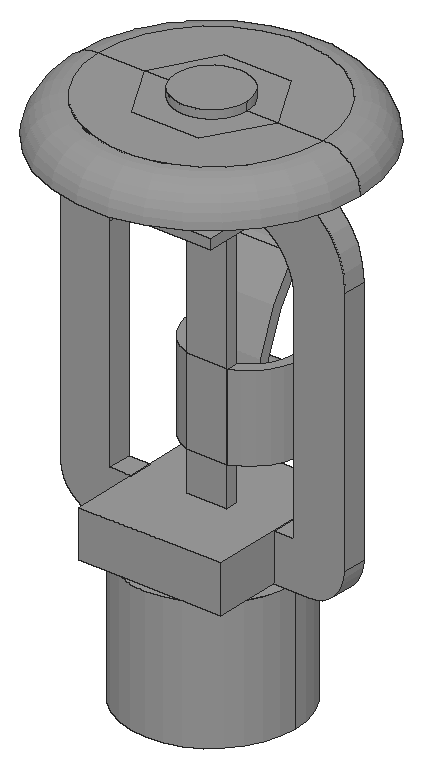
Revit family
Parameters (values of type "RASCO G UPRIGHT")
  Temperature Rating = 286 °F
  Response = (empty or 0)
  RASCO SIN # = "R1025"
  RASCO Part # = "GU3C"
  Pressure Rating = "175 PSI"
  Pressure Class = (empty or 0)
  Orifice Size = 1/2"
  Orifice = (empty or 0)
  Model = "G"
  Manufacturer = "RASCO"
  K-Factor = 5.62
  Description = "Chrome Finish"
  Coverage = (empty or 0)
Reference planes (in)
  plane 1 "Center (Front/Back)": y = 0
  plane 2: z = 0
  plane 3 "Center (Left/Right)": x = 0
Dimensions and locks (in)
  aligned and locked: plane 2 to level
Nested families (in)
  nested 1: "GU3C" at (0, 0, 0), type "RASCO G UPRIGHT"
Connectors (in)
  piping at (0, 0, 0)
    settings: on nested 1, index 1, connector radius 0.45", flow factor 0, pipe flow 0 GPM, pressure drop 0.00 psi, fitting loss kfactor 0, connector angle 0.00°, fixture units 0, flow configuration 0, flow direction 0, fitting loss method 0, system type 7, connector reference index -1, connector utility 0, adjustable connector no, is connector primary yes, fitting loss table "", connector description ""
Definition of nested family "GU3C"
  Parameters (values of type "RASCO G UPRIGHT")
    Type Comments = ""
    Temperature Rating = 0 °F
    Response = (empty or 0)
    Pressure Rating = "0"
    Pressure Class = (empty or 0)
    Orifice Size = 0"
    Orifice = (empty or 0)
    Model = ""
    Manufacturer = ""
    K-Factor = 0
    Description = ""
    Coverage = (empty or 0)
    Assembly Code = ""
  Reference planes (in)
    plane 1 "Center (Front/Back)": y = 0
    plane 2: z = 0
    plane 3 "ref.2": z = 0.6875
    plane 4 "ref.3": z = 0.9375
    plane 5: x = -0.38065
    plane 6: x = 0.36935
    plane 7 "ref. side 1": y = 0.06402
    plane 8 "ref. side 2": y = -0.06098
    plane 9 "ref.4": z = 1.875
    plane 10 "ref.5": z = 2.875
    plane 11 "center": x = -0.00574
  Forms (in)
    Extrusion 1, solid, material "Default"
      sketch origin (0, 0, 0) x (1, 0, 0) y (0, 1, 0)
        loop
          circle (0, 0) r 0.438
      from 0 to 0.6875
    Extrusion 2, solid, material "Default"
      sketch origin (-0.12185, 0.05177, 0.6875) x (1, 0, 0) y (0, 1, 0)
        loop
          line (-0.2588, 0.356) -> (-0.2588, -0.4565) -> (0.4912, -0.4565) -> (0.4912, 0.356) -> (-0.2588, 0.356)
      from 0 to 0.25
    Extrusion 3, solid, material "Default"
      sketch origin (0, 0, 0) x (1, 0, 0) y (0, 0, 1)
        loop
          line (-0.49248, 0.9375) -> (-0.49248, 2.10276)
          arc (-0.49248, 2.10276) -> (-0.40724, 2.30855) -> (-0.20145, 2.39379) r 0.29103
          line (-0.20145, 2.39379) -> (0.18108, 2.39379)
          arc (0.18108, 2.39379) -> (0.38905, 2.30765) -> (0.47519, 2.09969) r 0.29411
          line (0.47519, 2.09969) -> (0.47519, 0.9375) -> (0.36935, 0.9375) -> (0.36935, 0.6875) -> (0.55741, 0.6875)
          arc (0.55741, 0.6875) -> (0.69165, 0.7431) -> (0.74725, 0.87734) r 0.18984
          line (0.74725, 0.87734) -> (0.74725, 2.19113)
          arc (0.74725, 2.19113) -> (0.61669, 2.50631) -> (0.3015, 2.63687) r 0.44574
          line (0.3015, 2.63687) -> (-0.30719, 2.63687)
          arc (-0.30719, 2.63687) -> (-0.62225, 2.50637) -> (-0.75275, 2.19131) r 0.44556
          line (-0.75275, 2.19131) -> (-0.75275, 0.87876)
          arc (-0.75275, 0.87876) -> (-0.69673, 0.74352) -> (-0.56149, 0.6875) r 0.19126
          line (-0.56149, 0.6875) -> (-0.38065, 0.6875) -> (-0.38065, 0.9375) -> (-0.49248, 0.9375)
      from -0.06402 to 0.06098
    Extrusion 4, solid, material "Default"
      sketch origin (-0.00199, 0, 2.4375) x (-1, 0, 0) y (0, -1, 0)
        loop
          circle (0.00574, -0.00152) r 0.1875
      from -0.04371 to 0.4375
    Revolve 5, solid, material "Default"
      sketch origin (-0.0011, 0, 0.30638) x (1, 0, 0) y (0, 0, 1)
        loop
          line (-0.19255, 2.33367) -> (-0.19255, 2.52696) -> (-0.35809, 2.52696) -> (-0.59714, 2.52696)
          arc (-0.59714, 2.52696) -> (-0.73508, 2.47056) -> (-0.79397, 2.33367) r 0.19686
          line (-0.79397, 2.33367) -> (-0.19255, 2.33367)
        axis (-0.00574, 2.33367) -> (-0.00574, 2.52696)
      angle from 0 to 360
    Extrusion 6, solid, material "Default"
      sketch origin (0, 0, 0.9375) x (-1, 0, 0) y (0, -1, 0)
        loop
          line (-0.10175, -0.02852) -> (0.11324, -0.02852) -> (0.11324, 0.03101) -> (-0.10175, 0.03101) -> (-0.10175, -0.02852)
      from 0 to 1.45629
    Extrusion 7, solid, material "Default"
      sketch origin (-0.00574, -0.0095, -0.07537) x (0, 0, -1) y (0, -1, 0)
        loop
          line (-2.39379, 0.21198) -> (-2.39379, -0.229)
          arc (-2.39379, -0.229) -> (-2.26956, -0.41579) -> (-2.04926, -0.37342) r 0.20254
          arc (-2.04926, -0.37342) -> (-1.6599, -0.16721) -> (-1.22163, -0.12207) r 1.15319
          line (-1.22163, -0.12207) -> (-1.22163, -0.07087)
          arc (-1.22163, -0.07087) -> (-1.6782, -0.11947) -> (-2.0834, -0.33544) r 1.20419
          arc (-2.0834, -0.33544) -> (-2.24878, -0.36919) -> (-2.34279, -0.229) r 0.15154
          line (-2.34279, -0.229) -> (-2.34279, 0.21198) -> (-2.39379, 0.21198)
      from -0.17255 to 0.17398
    Extrusion 8, solid, material "Default"
      sketch origin (0, 0, 0) x (1, 0, 0) y (0, 1, 0)
        loop
          arc (0.23993, 0.23051) -> (0.19768, 0.11115) -> (0.10175, 0.02852) r 0.24647
          line (0.10175, 0.02852) -> (-0.11324, 0.02852)
          arc (-0.11324, 0.02852) -> (-0.21767, 0.12447) -> (-0.25194, 0.2621) r 0.24647
          line (-0.25194, 0.2621) -> (-0.25194, 0.40777) -> (-0.30719, 0.40777) -> (-0.30719, 0.25942)
          arc (-0.30719, 0.25942) -> (-0.25653, 0.08328) -> (-0.11324, -0.03101) r 0.30157
          line (-0.11324, -0.03101) -> (0.10175, -0.03101)
          arc (0.10175, -0.03101) -> (0.24461, 0.08262) -> (0.29574, 0.25785) r 0.30157
          line (0.29574, 0.25785) -> (0.29574, 0.40777) -> (0.23993, 0.40777) -> (0.23993, 0.23051)
      from 1.14626 to 1.59756
    Extrusion 9, solid, material "Default"
      sketch origin (-0.00574, -0.0095, -0.07537) x (0, 0, -1) y (0, -1, 0)
        loop
          circle (-1.44728, -0.26892) r 0.13147
      from -0.24568 to 0.24619
  Cuts and joins
    joined: Extrusion 1, Extrusion 2, Revolve 5
  Dimensions and locks (in)
    Revolve 5 sketch curve to Revolve 5 sketch curve = 0.78823"
    plane 10 "ref.5" to level = 2.875"
